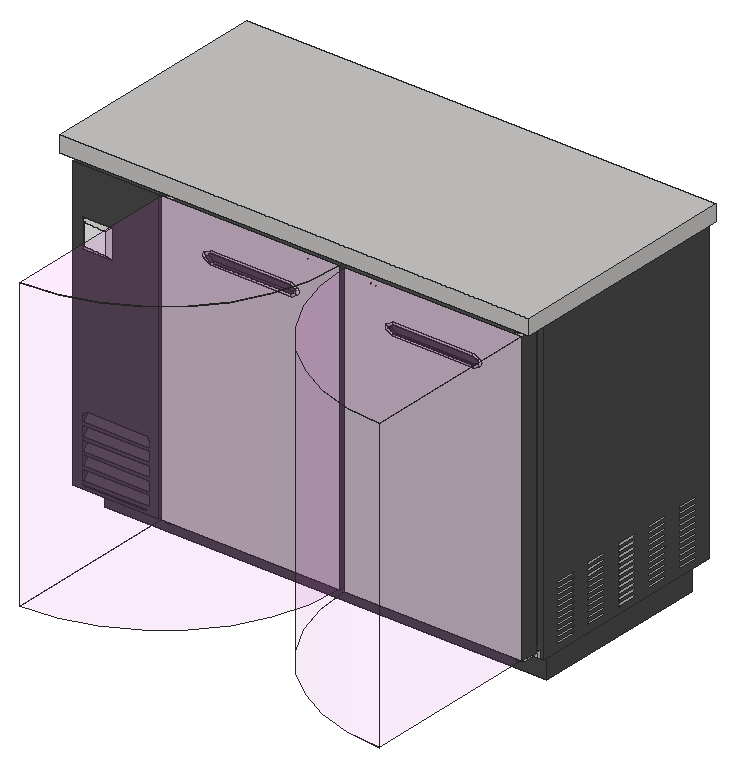
Revit family "QF_Kelvinator_738269_KCHBB48S", category Specialty Equipment, Revit 2021 (continued)
Definition of nested family "KCHBB48S"
  Definition of nested family "Family1"
    Lines and regions (in)
      Split face 2
        outline origin (0, -1.75, 30.4) x (-1, 0, 0) y (0, 0, -1)
          loop
            circle (-15.55437, 0.5) r 0.2773
      symbolic lines, visible <- "Show Clearance"
        curve 1: arc (16.10807, -11.05, 0) -> (17.8876, -6.84841, 0) -> (18.59064, -2.34, 0) r 18.6
        curve 2: line (1.02191, -2.34, 0) -> (16.10807, -11.05, 0)
    Dimensions and locks (in)
      equal spacing: plane 3 "LEFT", plane 7 "Center Y", plane 4 "RIGHT"
      "Length": plane 3 "LEFT" to plane 4 "RIGHT"
      equal spacing: plane 5 "FRONT", plane 8 "Center X", plane 1 "BACK"
      "Depth": plane 5 "FRONT" to plane 1 "BACK"
      "Height": plane 6 "TOP" to level
      aligned and locked: level to plane 2
    Automatic sketch dimensions
      Extrusion 1 sketch curve to level = 0"
      Extrusion 1 sketch curve to plane 3 "LEFT" = 0"
      plane 4 "RIGHT" to Extrusion 1 sketch curve = 0"
      Extrusion 1 sketch curve to plane 6 "TOP" = 0"
      Extrusion 2 sketch curve to plane 6 "TOP" = 4.42179"
      Extrusion 2 sketch curve to Extrusion 2 sketch curve = 0.3367"
      Extrusion 2 sketch curve to Extrusion 2 sketch curve = 0.33813"  (x2)
      Extrusion 2 sketch curve to Extrusion 2 sketch curve = 0.09937"  (x2)
      Extrusion 2 sketch curve to Extrusion 2 sketch curve = 0.1008"  (x2)
      plane 12 to Extrusion 2 sketch curve = 4.2715"
      Extrusion 2 sketch curve to Extrusion 2 sketch curve = 0.06211"
      Extrusion 2 sketch curve to Extrusion 2 sketch curve = 0.541"  (x2)
      plane 7 "Center Y" to Extrusion 2 sketch curve = 4.175"
      Extrusion 2 sketch curve to Extrusion 2 sketch curve = 0"
      Extrusion 2 sketch curve to Extrusion 2 sketch curve = 0.47572"
      Extrusion 2 sketch curve to Extrusion 2 sketch curve = 0.063"
      Sweep 3 sketch curve to plane 6 "TOP" = 3.54679"
      Sweep 3 sketch curve to Sweep 3 sketch curve = 0.3367"
      Sweep 3 sketch curve to Sweep 3 sketch curve = 0.33813"  (x2)
      Sweep 3 sketch curve to Sweep 3 sketch curve = 0.09937"  (x2)
      Sweep 3 sketch curve to Sweep 3 sketch curve = 0.1008"  (x2)
      plane 12 to Sweep 3 sketch curve = 4.2715"
      Sweep 3 sketch curve to Sweep 3 sketch curve = 0.06211"
      Sweep 3 sketch curve to Sweep 3 sketch curve = 0.541"  (x2)
      plane 7 "Center Y" to Sweep 3 sketch curve = 4.175"
      Sweep 3 sketch curve to Sweep 3 sketch curve = 0"
      Sweep 3 sketch curve to Sweep 3 sketch curve = 0.47572"
      Sweep 3 sketch curve to Sweep 3 sketch curve = 0.063"
      profile plane to Sweep 3 sketch curve = 0"
      profile plane to Sweep 3 sketch curve = 1/8"
      profile plane to Sweep 3 sketch curve = 2.67809"
      Sweep 3 sketch curve to Sweep 3 sketch curve = 0.12191"
      Split face 1 sketch curve to cut or joined group of Extrusion 1, Extrusion 2, Extrusion 4 = 3/16"
      cut or joined group of Extrusion 1, Extrusion 2, Extrusion 4 to Split face 1 sketch curve = 0.2873"  (x2)
      Split face 1 sketch curve to cut or joined group of Extrusion 1, Extrusion 2, Extrusion 4 = 1/32"
      Split face 2 sketch curve to cut or joined group of Extrusion 1, Extrusion 2, Extrusion 4 = 1/32"
      Split face 2 sketch curve to cut or joined group of Extrusion 1, Extrusion 2, Extrusion 4 = 0.25958"
      Extrusion 1 to Extrusion 4 sketch curve = 15/32"
      Extrusion 1 to Extrusion 4 sketch curve = 2.78605"
      Extrusion 4 sketch curve to Extrusion 4 sketch curve = 0.51916"
      Extrusion 4 sketch curve to Extrusion 4 sketch curve = 1/16"
      Extrusion 5 sketch curve to plane 1 "BACK" = 0"
      level to Extrusion 5 sketch curve = 0.32425"
      Extrusion 5 sketch curve to plane 6 "TOP" = 0.32575"
      Extrusion 5 sketch curve to Extrusion 5 sketch curve = 1/4"
      Extrusion 6 sketch curve to plane 9 = 0"
      level to Extrusion 6 sketch curve = 0.32425"
      Extrusion 6 sketch curve to plane 6 "TOP" = 0.32575"
      Extrusion 6 sketch curve to Extrusion 6 sketch curve = 1/4"
      Extrusion 7 sketch curve to plane 6 "TOP" = 0"
      Extrusion 7 sketch curve to plane 3 "LEFT" = 0"
      Extrusion 7 sketch curve to plane 10 = 0.12956"
      plane 12 to Extrusion 7 sketch curve = 2 11/16"
      Extrusion 8 sketch curve to plane 9 = 0"
      Extrusion 8 sketch curve to plane 3 "LEFT" = 0"
      plane 12 to Extrusion 8 sketch curve = 0.23886"
      Extrusion 8 sketch curve to plane 8 "Center X" = 1/4"
      Extrusion 9 sketch curve to Extrusion 7 = 0.29232"
      Extrusion 9 sketch curve to Extrusion 7 = 0.45668"
      Extrusion 10 sketch curve to plane 8 "Center X" = 0"
      plane 12 to Extrusion 10 sketch curve = 0.23886"
      Extrusion 11 sketch curve to Extrusion 7 = 0.29232"
      Extrusion 11 sketch curve to Extrusion 7 = 1.45668"
      Extrusion 12 sketch curve to Extrusion 7 = 0.29232"
      Extrusion 12 sketch curve to Extrusion 7 = 0.54332"
      Extrusion 13 sketch curve to level = 0"
      Extrusion 13 sketch curve to plane 3 "LEFT" = 0"
      Extrusion 13 sketch curve to plane 11 = 0.12956"
      plane 12 to Extrusion 13 sketch curve = 2 11/16"
      Extrusion 14 sketch curve to plane 3 "LEFT" = 0"
      Extrusion 14 sketch curve to plane 9 = 0"
      Extrusion 14 sketch curve to plane 8 "Center X" = 1/4"
      Extrusion 14 sketch curve to Extrusion 14 sketch curve = 0.55136"
      Extrusion 15 sketch curve to Extrusion 13 = 0.29232"
      Extrusion 15 sketch curve to Extrusion 13 = 0.45668"
      Extrusion 16 sketch curve to plane 8 "Center X" = 0"
      plane 12 to Extrusion 16 sketch curve = 0.23886"
      Extrusion 17 sketch curve to Extrusion 13 = 0.29232"
      Extrusion 17 sketch curve to Extrusion 13 = 1.45668"
      Extrusion 18 sketch curve to Extrusion 13 = 0.29232"
      Extrusion 18 sketch curve to Extrusion 13 = 0.54332"
      Extrusion 19 sketch curve to plane 3 "LEFT" = 0"
      Extrusion 19 sketch curve to plane 4 "RIGHT" = 0"
      plane 5 "FRONT" to Extrusion 19 sketch curve = 0"
      curve 1 to plane 3 "LEFT" = 0"
      curve 2 to plane 14 = 0"
      curve 1 to plane 14 = 0"
      plane 5 "FRONT" to curve 1 = 0"
      plane 13 to curve 2 = 2.17943"
      curve 2 to plane 14 = 8.71"
      plane 12 to curve 2 = 0.70941"
      radius of Split face 2 sketch curve = 0.2773"
      radius of Extrusion 9 sketch curve = 1/4"
      radius of Extrusion 10 sketch curve = 1/4"
      radius of Extrusion 11 sketch curve = 1/4"
      radius of Extrusion 12 sketch curve = 1/4"
      radius of Extrusion 15 sketch curve = 1/4"
      radius of Extrusion 16 sketch curve = 1/4"
      radius of Extrusion 17 sketch curve = 1/4"
      radius of Extrusion 18 sketch curve = 1/4"
